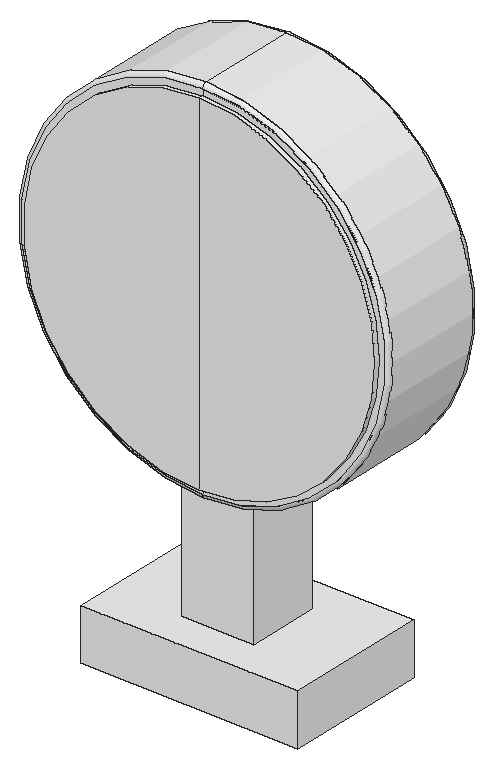
Revit family "Soap_Dish-Grohe-Essentials-40508001xxx", category Specialty Equipment, host Face, Revit 2014
Parameters (values of type "40508001")
  Width = 2 13/16"
  URL = "https://www.grohe.us"
  Type Comments = ""
  Product Page URL = "https://www.grohe.us/en_us/essentials-cube-holder-40508001.html"
  Price = "Prices may vary. Please consult Manufacturer Representative for most up-to-date price list."  # constant formula
  Model = "40508001"
  Material = "Metal-Grohe-000-Chrome"
  Manufacturer = "Grohe"  # constant formula
  Length = 4 3/16"
  Installation Type = "Wall Mounted"  # constant formula
  Height = 1 5/8"
  Finish = Metal-Grohe-000-Chrome
  Description = "Essentials Cube Holder"  # constant formula
  Default Elevation = 43"  # constant formula
  Creation Date = "07/28/2017"  # constant formula
  Assembly Code = "C1030200"
Reference planes (in)
  plane 1 "Center (Front/Back)": y = 0
  plane 2: z = 0
  plane 3 "Center (Left/Right)": x = 0
  plane 4: z = 4.1875
  plane 5: x = -1.40625
  plane 6: x = 1.40625
Forms (in)
  Extrusion 1, solid, material "Metal-Grohe-000-Chrome" <- "Finish"
    sketch origin (0, 0, 0) x (1, 0, 0) y (0, 0, 1)
      loop
        line (0.82677, 0.3937) -> (-0.82677, 0.3937) -> (-0.82677, 0) -> (0.82677, 0) -> (0.82677, 0.3937)
    from -0.55118 to 0.55118
  Extrusion 2, solid, material "Metal-Grohe-000-Chrome" <- "Finish"
    sketch origin (0, 0, 0) x (1, 0, 0) y (0, 0, 1)
      loop
        line (0.27559, 0.3937) -> (0.27559, 1.47693) -> (-0.27559, 1.47693) -> (-0.27559, 0.3937) -> (0.27559, 0.3937)
    from -0.27559 to 0.27559
  Revolve 3, solid, material "Metal-Grohe-000-Chrome" <- "Finish"
    sketch origin (0, 0, 0) x (0, 1, 0) y (0, 0, 1)
      loop
        line (0.41339, 4.10681) -> (0.41339, 4.15625)
        arc (0.41339, 4.15625) -> (0.40423, 4.17835) -> (0.38214, 4.1875) r 0.03125
        line (0.38214, 4.1875) -> (-0.38607, 4.1875)
        arc (-0.38607, 4.1875) -> (-0.40817, 4.17835) -> (-0.41732, 4.15625) r 0.03125
        line (-0.41732, 4.15625) -> (-0.41732, 4.10681) -> (-0.45472, 4.10681) -> (-0.45472, 2.76822) -> (0.20456, 2.76822) -> (0.20456, 4.10681) -> (0.41339, 4.10681)
      axis (-0.45472, 2.76822) -> (0.41339, 2.76822)
    angle from 0 to 360
  Revolve 4, solid, material "Glass-Grohe-Crystal"
    sketch origin (0, 0, 0) x (0, 1, 0) y (0, 0, 1)
      loop
        line (0.45079, 4.10681) -> (0.20456, 4.10681) -> (0.20456, 2.76822) -> (0.2371, 2.76822) -> (0.2371, 3.99893) -> (0.45079, 3.99893) -> (0.45079, 4.10681)
      axis (0.45079, 2.76822) -> (0.20456, 2.76822)
    angle from 0 to 360
Lines and regions (in)
  Masking region 1
    outline origin (0, 0, 0) x (1, 0, 0) y (0, 0, 1)
      loop
        line (-0.27559, 1.3777) -> (-0.27559, 0.3937) -> (-0.82677, 0.3937) -> (-0.82677, 0) -> (0.82677, 0) -> (0.82677, 0.3937) -> (0.27559, 0.3937) -> (0.27559, 1.3777)
        arc (0.27559, 1.3777) -> (0, 4.18845) -> (-0.27559, 1.3777) r 1.41889
  symbolic lines, detail levels medium+fine
    curve 1: circle (0, 0, 2.76822) r 1.23071 normal (0, -1, 0)
    curve 3: line (-0.27559, 0, 0.3937) -> (0.27559, 0, 0.3937)
    curve 4: arc (0.27559, 0, 1.3777) -> (0, 0, 1.35049) -> (-0.27559, 0, 1.3777) r 1.40909
  symbolic lines, detail levels fine
    curve 2: circle (0, 0, 2.76822) r 1.33858 normal (0, -1, 0)
Dimensions and locks (in)
  plane 6 to plane 5 = 2 13/16"
  plane 2 to plane 4 = 4 3/16"
  aligned and locked: plane 2 to host face
  aligned and locked: level to host face
